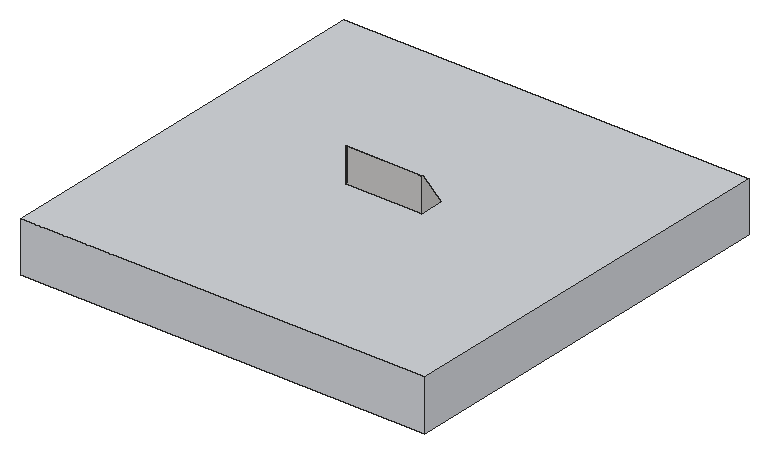
Revit family
Parameters
  Width = 0' - 8"  # constant formula
  Warranty Information = "Complete Unit, One (1) Year"  # constant formula
  Version = "1.0"  # constant formula
  URL = "www.bradleycorp.com"
  Technical Data = "http://www.bradleycorp.com/products/techdata/9300.pdf"
  Shelf Material = Bradley Corp Stainless Steel
  Percentage of Recycled Content = "62.21"
  OmniClass Title = "Shelves"  # constant formula
  OmniClass Code = "23.40.20.27.11"
  Modelling Code = ""
  Model = "SA56-000000"  # constant formula
  Material Note = "14 GA STAINLESS STEEL"  # constant formula
  Material = "Stainless Steel"  # constant formula
  MasterFormat Title = "Toilet, Bath, and Laundry Accessories"  # constant formula
  MasterFormat Number = "10.28.13.53"
  Manufacturer = "Bradley Corporation"  # constant formula
  Length = 1' - 6"  # constant formula
  LEED Credit = ""
  Industry Standards = "N/A"  # constant formula
  Height = 0' - 5 1/2"  # constant formula
  Fire Rating = ""
  Description = "Security Shelf"  # constant formula
  Default Elevation = 4' - 0"
  Copyright = "This Model Data Is Property Of Bradley Corporation"  # constant formula
  Complies To NAFTA = ""
  Complies To Buy American Act = "Yes"  # constant formula
  Assembly Code = "C1030210"
  ADA Compliant = "No"  # constant formula
Reference planes (in)
  plane 1 "Center (Front/Back)": y = 0
  plane 2: z = 0
  plane 3 "Center (Left/Right)": x = 0
  plane 4: x = -9
  plane 5: x = 9
Forms (in)
  Extrusion 1, solid
    sketch origin (0, 0, 0) x (1, 0, 0) y (0, 1, 0)
      loop
        line (-48, 48) -> (-48, -48) -> (48, -48) -> (48, 48) -> (-48, 48)
    from 0 to -12
  Extrusion 2, solid, material "Bradley Corp Stainless Steel"
    sketch origin (9, 0, 48) x (0, -1, 0) y (0, 0, 1)
      loop
        line (0, -40) -> (-0.075, -40) -> (-0.075, -47.925) -> (-5.5, -47.925) -> (-5.5, -48) -> (0, -48) -> (0, -40)
    from 0 to 18
  Extrusion 3, solid, material "Bradley Corp Stainless Steel"
    sketch origin (9, 0, 48) x (0, -1, 0) y (0, 0, 1)
      loop
        line (0, -40) -> (-0.075, -40) -> (-5.5, -47.925) -> (-5.5, -48) -> (0, -48) -> (0, -40)
    from 0 to 0.07422
  Extrusion 4, solid, material "Bradley Corp Stainless Steel"
    sketch origin (-9, 0, 48) x (0, -1, 0) y (0, 0, 1)
      loop
        line (0, -40) -> (-0.075, -40) -> (-5.5, -47.925) -> (-5.5, -48) -> (0, -48) -> (0, -40)
    from 0 to 0.07422
Cuts and joins
  joined: Extrusion 2, Extrusion 3, Extrusion 4
Dimensions and locks (in)
  locked: plane 4 to plane 3 "Center (Left/Right)" at 9
  locked: plane 5 to plane 3 "Center (Left/Right)" at 9
  locked: Extrusion 2 sketch curve to Extrusion 2 sketch curve at 0.075  (x2)
  locked: Extrusion 2 sketch curve to Extrusion 2 sketch curve at 5.425
  locked: Extrusion 2 sketch curve to Extrusion 2 sketch curve at 7.925
  locked: Extrusion 3 sketch curve to Extrusion 3 sketch curve at 8
  locked: Extrusion 3 sketch curve to Extrusion 3 sketch curve at 5.5
  aligned and locked: plane 2 to Extrusion 1
  aligned and locked: level to Extrusion 1
  aligned and locked: Extrusion 2 sketch curve to Extrusion 1
  aligned and locked: plane 1 "Center (Front/Back)" to Extrusion 2 sketch curve
  aligned and locked: plane 1 "Center (Front/Back)" to Extrusion 3 sketch curve
  aligned and locked: Extrusion 3 sketch curve to Extrusion 1
